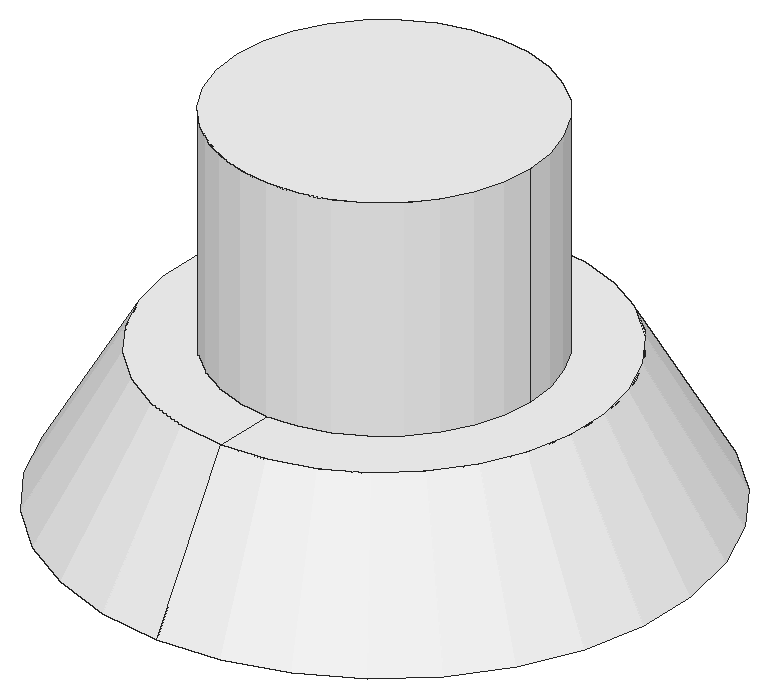
Revit family "EV_CONE 26_9372792", category Generic Models, Revit 2018
Family settings
  Can host rebar = No
  Round Connector Dimension = Use Diameter
  Part Type = Normal
  OmniClass Number = 35.51.14.00
  OmniClass Title = FORMWORK
  Work Plane-Based = Yes
  Always vertical = No
  Cut with Voids When Loaded = No
  Shared = Yes
  Room Calculation Point = No
Parameters
  VERSION = "20170217"  # constant formula
  URL = "www.ulmaconstruction.com/en"
  UNICLASS = ""
  Manufacturer = "ULMA CONSTRUCTION"  # constant formula
  ITEM_CODE = "9372792"
  FILTER [instance] = ""
  Default Elevation = 0.000 mm
  CLASSIFICATION_TITLE = ""
  CLASSIFICATION_NUMBER = ""
Reference planes
  plane 1 "Centro (Frontal/Posterior)": y = 0
  plane 2: z = 0
  plane 3 "Centro (Izquierda/Derecha)": x = 0
Forms (mm)
  Extrusion 1, solid, material "ULMA PLASTIC", detail levels medium+fine
    sketch origin (0, 0, 0) x (0, -1, 0) y (1, 0, 0)
      loop
        circle (0, 0) r 12.6
    from 12 to 30
  Revolve 2, solid, material "ULMA PLASTIC", detail levels medium+fine
    sketch origin (0, 0, 0) x (0, 1, 0) y (0, 0, 1)
      loop
        line (0, 12) -> (0, 0) -> (24.528, 0) -> (17.6, 12) -> (0, 12)
      axis (0, 12) -> (0, 0)
    angle from 0 to 360
Lines and regions (mm)
  model lines, style "ULMA CONSUMABLES", detail levels medium+fine
    curve 1: circle (0, 0, 0) r 12.3 normal (0, 0, 1)
    curve 2: circle (0, 0, 30) r 12.3 normal (0, 0, 1)
Dimensions and locks
  aligned and locked: level to plane 2
